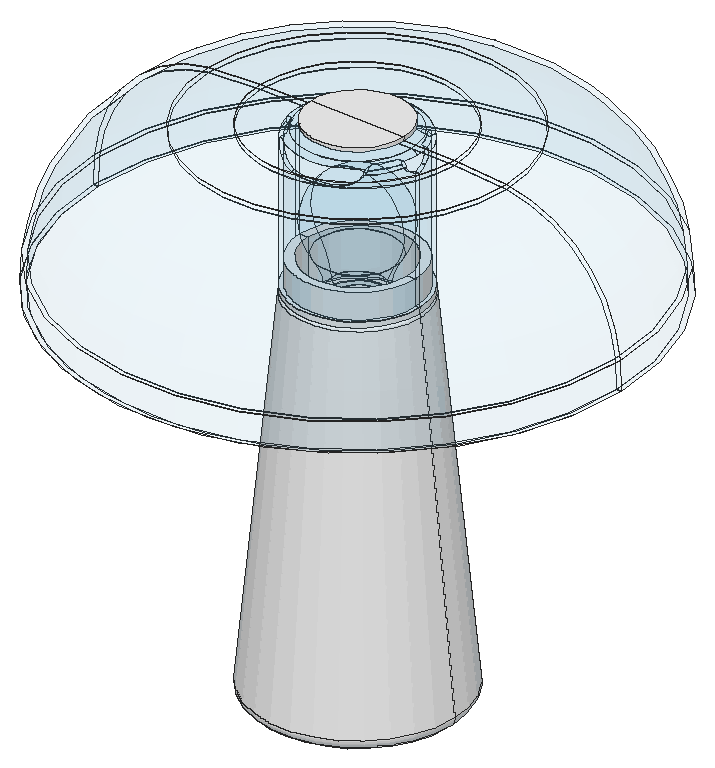
Revit family "Lighting_Desk&Table_Nordlux_Glossy", category Lighting Fixtures, Revit 2017
Family settings
  Round Connector Dimension = Use Diameter
  Part Type = Normal
  OmniClass Number = 23.80.70.00
  OmniClass Title = Lighting
  Work Plane-Based = No
  Always vertical = Yes
  Cut with Voids When Loaded = No
  Light Source = Yes
  Shared = No
  Room Calculation Point = No
Parameters (values of type "Glossy")
  Wattage = 9.2903 W
  WarrantyStartDate [instance] = "n/a"
  WarrantyGuarantorParts = "n/a"
  WarrantyGuarantorLabor = "n/a"
  WarrantyDurationUnit = "Hours"
  WarrantyDurationParts = "n/a"
  WarrantyDurationLabor = "n/a"
  WarrantyDescription = "n/a"
  built-in parameter 1150110 = 1 (stored number, unit not read)
  VersionDate = "24/11/2020"  # constant formula
  Version = "1"  # constant formula
  UsageCurrent = 0 A
  Uniclass2015Reference = "Pr_70_70_48_46"
  Uniclass2015Description = "Light-Emitting Diode (LED) Luminaires"
  Uniclass2 = "Pr_70_70_49_43"
  URL = "https://www.nordlux.com/products/product/2020505001"
  TotalWattage = 15 W
  built-in parameter 1114217 = 1 (stored number, unit not read)
  Tilt Angle = 90.00°
  built-in parameter 1150109 = 1 (stored number, unit not read)
  built-in parameter 1150134 = (empty or 0)
  TagNumber [instance] = "n/a"
  SustainabilityPerformance = "n/a"
  built-in parameter 1150113 = 1 (stored number, unit not read)
  Size = "320x320x320 mm"
  Shape = "Sculptured"
  SerialNumber [instance] = "n/a"
  Revision = "n/a"  # constant formula
  ReplacementCost = "n/a"
  ProductInformation = "Glossy is the epitome of tasteful and sophisticated design. The Danish designer, Maria Berntsen, has created a table lamp that oozes of Nordic minimalism, and where the combination of the exclusive materials, marble, brass and opal white glass contribute to an incredibly elegant design. Glossy is named after the shiny surface of the opal white glass, which lets a soft and comfortable light shine through."
  ProductDatasheet = "http://pim.skypim.com/show?objectid=327115906&template=ORG"
  Product data url = ""
  Photometric Web File = "2020505001 Glossy Table.ies"
  PhaseReference = "n/a"
  PhaseAngle = 0.00°
  NumberOfSources = 0
  NumberOfPoles = 1
  NominalWidth = 324.471 mm
  NominalVoltageCalc = 230 V
  NominalVoltage = 230 V
  NominalRadius = NominalDiameter / 2  # 160 mm
  NominalLength = 324.471 mm
  NominalHeight = 315.812 mm
  NominalFrequencyRange = 50 Hz
  NominalDiameter = 320 mm
  NominalCurrent = 0 A
  Name = "Glossy"  # constant formula
  NBSReference = "90-60-50/405"
  NBSDescription = "General purpose luminaires"
  ModelReference = ArticleNumber  # "2020505001"
  ModelNumber = "n/a"
  Model = "Glossy"
  Material = "Marble & Glass"
  ManufacturersSpecificInformation = "n/a"
  ManufacturerURL = "https://www.nordlux.com/"
  ManufacturerName = "Nordlux"
  Manufacturer = "Nordlux"
  MaintenanceFactor = 0
  Lumens = 1380 lm
  built-in parameter 1150115 = 1 (stored number, unit not read)
  built-in parameter 1150105 = 109.82 (stored number, unit not read)
  LightFixturePlacingType = "Furniture"
  LightFixtureMountingType = "FreeStanding"
  LightFixtureMainMaterial = Marble
  built-in parameter 1150137 = (empty or 0)
  built-in parameter 1150139 = (empty or 0)
  LensMaterial = Glass
  built-in parameter 1150112 = 1 (stored number, unit not read)
  built-in parameter 1150114 = 1 (stored number, unit not read)
  InsulationStandardClass = "Class 2 (Double isolated)"
  InstallationDate [instance] = "n/a"
  built-in parameter 1150132 = 2
  built-in parameter 1150102 = (empty or 0)
  built-in parameter 1150138 = (empty or 0)
  built-in parameter 1150107 = 3000 (stored number, unit not read)
  built-in parameter 1150106 = 1.0982 (stored number, unit not read)
  IfcExportType = "NOTDEFINED"  # constant formula
  IfcExportAs = "IfcLightFixtureType"  # constant formula
  IP_Code = "IP20"
  HasProtectiveEarth = yes
  Grade = "n/a"
  Finish = "Cable colour: White textile cable"
  Features = "Cable length: 250 cm. Socket type E27. Light source not included. Energy class A++ - A."
  ExpectedLife = "n/a"
  Emit from Circle Diameter = 50 mm
  Emit Shape Visible in Rendering = no
  ElectricalDeviceNominalPower = 15
  built-in parameter 1150104 = 13.8 (stored number, unit not read)
  EANNumber = "5704924001024"
  DurationUnit = "Hours"
  Dimming Lamp Color Temperature Shift = <None>
  Designer = "Maria Berntsen"
  Description = "Glossy is the epitome of tasteful and sophisticated design. The Danish designer, Maria Berntsen, has created a table lamp that oozes of Nordic minimalism, and where the combination of the exclusive materials, marble, brass and opal white glass contribute to an incredibly elegant design. Glossy is named after the shiny surface of the opal white glass, which lets a soft and comfortable light shine through."
  DefaultElevation = 0 mm
  ConvergoRefNr = "0143-2009-0010-DK"  # constant formula
  Constituents = "n/a"
  Color Filter = 16777215
  Color = "Opal white"
  Collection = "Glossy"
  CodePerformance = "n/a"
  Category = "Table lighting"
  Brand = "Nordlux"
  Barcode [instance] = "n/a"
  built-in parameter 1114218 = 1 (stored number, unit not read)
  BIMObjectName = "Lighting_Desk&Table_Nordlux_Glossy"  # constant formula
  Author = "Convergo AB"  # constant formula
  built-in parameter 1150133 = 10 (stored number, unit not read)
  AssetType = "Fixed"
  AssetIdentifier [instance] = "n/a"
  ArticleNumber = "2020505001"
  AccessibilityPerformance = "n/a"
Reference planes
  plane 1 "Light Source Axis (F/B)": y = 0
  plane 2: z = 0
  plane 3 "Light Source Axis (L/R)": x = 0
  plane 4 "Light Source Elevation": z = 260.812
  plane 5: z = 315.812
  plane 6: y = 162.235
  plane 7: y = -162.235
  plane 8: x = -162.235
  plane 9: x = 162.235
Dimensions and locks
  equal spacing: plane 8, plane 3 "Light Source Axis (L/R)", plane 9
  "NominalWidth": plane 8 to plane 9
  "NominalLength": plane 7 to plane 6
  "NominalHeight": plane 5 to plane 2
  equal spacing: plane 6, plane 1 "Light Source Axis (F/B)", plane 7
  aligned and locked: plane 3 "Light Source Axis (L/R)" to imposter light
  aligned and locked: level to plane 2
  aligned and locked: nested 1 to plane 2
  aligned and locked: plane 4 "Light Source Elevation" to nested 1
  aligned and locked: plane 4 "Light Source Elevation" to imposter light
Nested families
  nested 1: "Glossy" at (0, 0, 0), Glass <- "LensMaterial", Body <- "LightFixtureMainMaterial", type "Glossy"
    with Glass Glass, Body Marble
Connectors
  electrical at (0, 0, 0), driven by "NominalVoltage"
    settings: on nested 1, index 1, voltage 230 V, apparent load 0 VA, apparent load phase1 0 VA, apparent load phase2 0 VA, apparent load phase3 0 VA, power factor 1, load classification "Other", number of poles 1, system type 31, power factor state 1, is connector primary yes, connector utility no, sub classification motor no, connector description ""
Definition of nested family "Glossy"
  Parameters (values of type "Glossy")
    Body [instance] = none
    Glass [instance] = none
  Reference planes
    plane 1 "Center (Front/Back)": y = 0
    plane 2: z = 0
    plane 3 "Center (Left/Right)": x = 0
    plane 4: x = -162.235
    plane 5: x = 162.235
    plane 6: y = -162.235
    plane 7: y = 162.235
    plane 8: z = 315.812
    plane 9: z = 260.812
  Forms (mm)
    Revolve 1, solid, material <- "Body", detail levels medium+fine
      sketch origin (0, 0, 315.812) x (1, 0, 0) y (0, 0, 1)
        loop
          arc (-59.402, -309.23) -> (-58.13, -313.077) -> (-54.426, -314.719) r 5
          line (-54.426, -314.719) -> (-39, -314.719)
          arc (-39, -314.719) -> (-36.172, -313.547) -> (-35, -310.719) r 4
          line (-35, -310.719) -> (-35, -270.991) -> (-5.5, -270.991) -> (-5.5, -168.359) -> (-20.154, -168.359)
          arc (-20.154, -168.359) -> (-21.569, -167.773) -> (-22.154, -166.359) r 2
          line (-22.154, -166.359) -> (-22.154, -108.168)
          arc (-22.154, -108.168) -> (-22.74, -106.754) -> (-24.154, -106.168) r 2
          line (-24.154, -106.168) -> (-32.848, -106.168) -> (-32.848, -96.143)
          arc (-32.848, -96.143) -> (-33.434, -94.729) -> (-34.848, -94.143) r 2
          line (-34.848, -94.143) -> (-36.464, -94.143)
          arc (-36.464, -94.143) -> (-37.807, -94.661) -> (-38.455, -95.947) r 2
          line (-38.455, -95.947) -> (-59.402, -309.23)
        axis (0, -94.143) -> (0, -314.719)
      angle from 0 to 360
    Revolve 2, solid, material <- "Body", detail levels medium+fine
      sketch origin (0, 0, 315.812) x (1, 0, 0) y (0, 0, 1)
        loop
          line (-19, -99.488) -> (-19, -152.893)
          arc (-19, -152.893) -> (-16.071, -159.964) -> (-9, -162.893) r 10
          line (-9, -162.893) -> (-5, -162.893) -> (-5, -280.957) -> (-3.5, -280.957) -> (-3.5, -155.24) -> (0, -155.24) -> (0, -132.283) -> (-13, -132.283) -> (-13, -111.233)
          arc (-13, -111.233) -> (-13.879, -109.112) -> (-16, -108.233) r 3
          line (-16, -108.233) -> (-18, -108.233) -> (-18, -99.488) -> (-19, -99.488)
        axis (0, -99.488) -> (0, -280.957)
      angle from 0 to 360
    Revolve 3, solid, material <- "Glass", detail levels medium+fine
      sketch origin (0, 0, 315.812) x (1, 0, 0) y (0, 0, 1)
        loop
          line (-162.235, -93.446) -> (-159.235, -93.446)
          arc (-159.235, -93.446) -> (-159.047, -85.002) -> (-158.481, -76.575) r 189.083
          arc (-158.481, -76.575) -> (-137.208, -29.989) -> (-91.419, -7.05) r 77
          arc (-91.419, -7.05) -> (-75.435, -5.542) -> (-59.387, -5.039) r 256.11
          line (-59.387, -5.039) -> (-2.099, -5.039) -> (-2.099, -2.039) -> (-59.387, -2.039)
          arc (-59.387, -2.039) -> (-75.623, -2.548) -> (-91.794, -4.074) r 259.11
          arc (-91.794, -4.074) -> (-139.367, -27.906) -> (-161.469, -76.308) r 80
          arc (-161.469, -76.308) -> (-162.044, -84.868) -> (-162.235, -93.446) r 192.083
        axis (0, -93.446) -> (0, -2.039)
      angle from 0 to 360
    Revolve 4, solid, material <- "Body", detail levels medium+fine
      sketch origin (0, 0, 315.812) x (1, 0, 0) y (0, 0, 1)
        loop
          line (-38, -93.792) -> (-32.848, -93.792) -> (-32.848, -103.792) -> (-30.5, -103.792) -> (-30.5, -75.792) -> (-35.5, -75.792) -> (-35.5, -90.792) -> (-38, -90.792) -> (-38, -93.792)
        axis (0, -103.792) -> (0, -75.792)
      angle from 0 to 360
    Revolve 5, solid, material <- "Glass", detail levels medium+fine
      sketch origin (0, 0, 315.812) x (1, 0, 0) y (0, 0, 1)
        loop
          line (-38, -90.792) -> (-35.5, -90.792) -> (-35.5, -9.196)
          arc (-35.5, -9.196) -> (-34.914, -7.782) -> (-33.5, -7.196) r 2
          line (-33.5, -7.196) -> (-2.099, -7.196) -> (-2.099, -5.157) -> (-33, -5.157)
          arc (-33, -5.157) -> (-36.535, -6.621) -> (-38, -10.157) r 5
          line (-38, -10.157) -> (-38, -90.792)
        axis (0, -5.157) -> (0, -90.792)
      angle from 0 to 360
    Revolve 6, solid, material <- "Body", detail levels medium+fine
      sketch origin (0, 0, 315.812) x (1, 0, 0) y (0, 0, 1)
        loop
          line (0, -11.039) -> (0, 0) -> (-28.567, 0) -> (-28.567, -2.039) -> (-1.999, -2.039) -> (-1.999, -7.539) -> (-3, -7.539) -> (-3, -11.039) -> (0, -11.039)
        axis (0, -11.039) -> (0, 0)
      angle from 0 to 360
    Revolve 7, solid, material <- "Glass", detail levels medium+fine
      sketch origin (0, 0, 315.812) x (1, 0, 0) y (0, 0, 1)
        loop
          line (-12.329, -98.422) -> (0, -98.422) -> (0, -27.716)
          arc (0, -27.716) -> (-25.688, -43.576) -> (-23.018, -73.647) r 28.733
          arc (-23.018, -73.647) -> (-18.091, -82.838) -> (-16.089, -93.072) r 35
          arc (-16.089, -93.072) -> (-14.992, -96.297) -> (-12.329, -98.422) r 6.068
        axis (0, -27.716) -> (0, -98.422)
      angle from 0 to 360
    Extrusion 8, void
      sketch origin (0, 0, 315.812) x (1, 0, 0) y (0, 0, 1)
        loop
          arc (12, -17.39) -> (17.268, -16.646) -> (22.123, -14.473) r 19.02
          arc (22.123, -14.473) -> (25, -11.347) -> (25.897, -7.196) r 8.093
          line (25.897, -7.196) -> (-25.897, -7.196)
          arc (-25.897, -7.196) -> (-25, -11.347) -> (-22.123, -14.473) r 8.093
          arc (-22.123, -14.473) -> (-17.268, -16.646) -> (-12, -17.39) r 19.02
          line (-12, -17.39) -> (12, -17.39)
      from 50 to -50
    Extrusion 9, void
      sketch origin (0, 0, 315.812) x (0, 1, 0) y (0, 0, 1)
        loop
          arc (0, -16.729) -> (2.659, -15.792) -> (5.149, -14.473) r 19.02
          arc (5.149, -14.473) -> (8.026, -11.347) -> (8.924, -7.196) r 8.093
          line (8.924, -7.196) -> (-8.924, -7.196)
          arc (-8.924, -7.196) -> (-8.026, -11.347) -> (-5.149, -14.473) r 8.093
          arc (-5.149, -14.473) -> (-2.659, -15.792) -> (0, -16.729) r 19.02
      from 50 to -50
    Revolve 10, solid, material <- "Body", detail levels medium+fine
      sketch origin (0, 0, 315.812) x (1, 0, 0) y (0, 0, 1)
        loop
          arc (-12.329, -112.741) -> (-11.351, -116.79) -> (-8.633, -119.946) r 8.871
          line (-8.633, -119.946) -> (-5.487, -123.586)
          arc (-5.487, -123.586) -> (-3.784, -124.863) -> (-1.704, -125.316) r 5
          line (-1.704, -125.316) -> (0, -125.316) -> (0, -98.422) -> (-12.329, -98.422) -> (-12.329, -112.741)
        axis (0, -98.422) -> (0, -125.316)
      angle from 0 to 360
    Extrusion 11, solid, material <- "Body", detail levels coarse
      sketch origin (0, 0, 0) x (1, 0, 0) y (0, 1, 0)
        loop
          line (-162.235, 162.235) -> (-162.235, -162.235) -> (162.235, -162.235) -> (162.235, 162.235) -> (-162.235, 162.235)
      from 0 to 315.812
    Revolve 12, solid, material <- "Body", detail levels medium+fine
      sketch origin (0, 0, -315.812) x (1, 0, 0) y (0, 0, 1)
        loop
          line (-55, 315.812) -> (0, 315.812) -> (0, 317.812) -> (-55, 317.812) -> (-55, 315.812)
        axis (0, 317.812) -> (0, 315.812)
      angle from 0 to 360
  Cuts and joins
    Extrusion 8, Extrusion 9 cuts Revolve 5
  Lines and regions (mm)
    symbolic lines, detail levels medium+fine
      curve 1: circle (0, 0, 0) r 162.235 normal (0, 0, 1)
      curve 2: arc (-162.235, 0, 222.366) -> (-162.044, 0, 230.944) -> (-161.469, 0, 239.504) r 192.083
      curve 3: arc (-161.469, 0, 239.504) -> (-139.367, 0, 287.906) -> (-91.794, 0, 311.738) r 80
      curve 4: arc (-91.794, 0, 311.738) -> (-75.623, 0, 313.264) -> (-59.387, 0, 313.773) r 259.11
      curve 5: line (-59.387, 0, 313.773) -> (-28.567, 0, 313.773)
      curve 6: line (-28.567, 0, 313.773) -> (-28.567, 0, 315.812)
      curve 7: line (-28.567, 0, 315.812) -> (28.567, 0, 315.812)
      curve 9: line (-162.235, 0, 222.366) -> (-38.209, 0, 222.366)
      curve 10: line (-59.402, 0, 6.582) -> (-38.209, 0, 222.366)
      curve 11: line (-55, 0, 0) -> (55, 0, 0)
      curve 12: line (-55, 0, 0) -> (-55, 0, 1.126)
      curve 13: arc (-55, 0, 1.126) -> (-58.317, 0, 2.953) -> (-59.402, 0, 6.582) r 5
      curve 15: arc (162.235, 0, 222.366) -> (162.044, 0, 230.944) -> (161.469, 0, 239.504) r 192.083
      curve 16: arc (161.469, 0, 239.504) -> (139.367, 0, 287.906) -> (91.794, 0, 311.738) r 80
      curve 17: arc (91.794, 0, 311.738) -> (75.623, 0, 313.264) -> (59.387, 0, 313.773) r 259.11
      curve 18: line (59.387, 0, 313.773) -> (28.567, 0, 313.773)
      curve 19: line (28.567, 0, 313.773) -> (28.567, 0, 315.812)
      curve 20: line (162.235, 0, 222.366) -> (38.209, 0, 222.366)
      curve 21: line (59.402, 0, 6.582) -> (38.209, 0, 222.366)
      curve 22: line (55, 0, 0) -> (55, 0, 1.126)
      curve 23: arc (55, 0, 1.126) -> (58.317, 0, 2.953) -> (59.402, 0, 6.582) r 5
      curve 25: arc (0, 161.469, 239.504) -> (0, 162.044, 230.944) -> (0, 162.235, 222.366) r 192.083
      curve 26: arc (0, 91.794, 311.738) -> (0, 139.367, 287.906) -> (0, 161.469, 239.504) r 80
      curve 27: arc (0, 59.387, 313.773) -> (0, 75.623, 313.264) -> (0, 91.794, 311.738) r 259.11
      curve 29: line (0, 59.387, 313.773) -> (0, 28.567, 313.773)
      curve 30: line (0, 28.567, 315.812) -> (0, 28.567, 313.773)
      curve 31: line (0, 28.567, 315.812) -> (0, -28.567, 315.812)
      curve 32: line (0, 162.235, 222.366) -> (0, 38.209, 222.366)
      curve 33: line (0, 38.209, 222.366) -> (0, 59.402, 6.582)
      curve 35: arc (0, 59.402, 6.582) -> (0, 58.317, 2.953) -> (0, 55, 1.126) r 5
      curve 36: line (0, -55, 0) -> (0, 55, 0)
      curve 37: line (0, 55, 0) -> (0, 55, 1.126)
      curve 38: arc (0, -59.402, 6.582) -> (0, -58.317, 2.953) -> (0, -55, 1.126) r 5
      curve 40: line (0, -55, 0) -> (0, -55, 1.126)
      curve 41: arc (0, -161.469, 239.504) -> (0, -162.044, 230.944) -> (0, -162.235, 222.366) r 192.083
      curve 42: arc (0, -91.794, 311.738) -> (0, -139.367, 287.906) -> (0, -161.469, 239.504) r 80
      curve 43: arc (0, -59.387, 313.773) -> (0, -75.623, 313.264) -> (0, -91.794, 311.738) r 259.11
      curve 44: line (0, -59.387, 313.773) -> (0, -28.567, 313.773)
      curve 45: line (0, -28.567, 315.812) -> (0, -28.567, 313.773)
      curve 46: line (0, -162.235, 222.366) -> (0, -38.209, 222.366)
      curve 47: line (0, -38.209, 222.366) -> (0, -59.402, 6.582)
      curve 48: arc (0, -55, 1.126) -> (0, -54.713, 1.101) -> (0, -54.426, 1.093) r 5
      curve 49: arc (0, 55, 1.126) -> (0, 54.713, 1.101) -> (0, 54.426, 1.093) r 5
    symbolic lines, detail levels fine
      curve 8: line (-28.567, 0, 313.773) -> (28.567, 0, 313.773)
      curve 14: line (-54.426, 0, 1.093) -> (54.426, 0, 1.093)
      curve 24: line (-38.209, 0, 222.366) -> (38.209, 0, 222.366)
      curve 28: line (0, -28.567, 313.773) -> (0, 28.567, 313.773)
      curve 34: line (0, 38.209, 222.366) -> (0, -38.209, 222.366)
      curve 39: line (0, 54.426, 1.093) -> (0, -54.426, 1.093)
      curve 50: circle (0, 0, 0) r 28.567 normal (0, 0, 1)
  Dimensions and locks
    aligned and locked: level to plane 2
